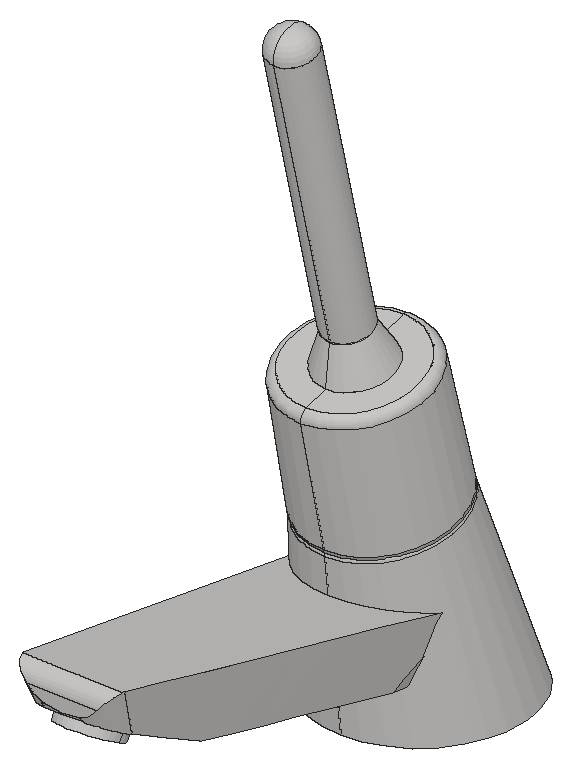
Revit family
Parameters
  WaterSupplyTemperatureMaximum = "55°C-85° (∆50°C : CW/HW)"
  WarrantyDurationUnit = "10 years"
  WarrantyDescription = "Any manufacturing defect"
  Version = "v1"
  SerialNumber = "3456330008174"
  ProductInformation = "http://www.delabie.com/products/745440"
  Operation = "Time flow lever-operated tap"
  NominalLength = 110 mm
  NominalHeight = 35 mm
  Name = "TEMPOSTOP"
  ModelNumber = "745440"
  Material = Solid brass
  ManufacturerURL = "http://www.delabie.com"
  ManufacturerName = "DELABIE"
  IntegralAccessoryOptions = "Thermostatic mixing valve"
  Grade = "ACS - WRAS - VA Approval - PZH - HKWSD"
  FlowRate lps = "0,05 lps"
  FlowRate lpm = "3 lpm at 3 bar"
  Finish = Chrome-plated
  Features  = "Deck-mounted time flow lever-operated basin tap:\r\nTime flow ~7 sec.\r\nFlow rate pre-set at 3 lpm at 3 bar, can be adjusted from 1.5 to 6 lpm.\r\nTamperproof scale-resistant flow straightener.\r\nChrome-plated solid brass body M½\".\r\nLever operated (soft-touch operation)."
  Description = "French manufacturer Delabie is a leader in the European sanitary ware market for non-domestic places. Water controls, solutions for disabled people, sanitary ware, for schools, leisure centres, offices, hospitals, airports…"
  Keynote = ""
  URL = "http://www.delabie.com"
  Type Comments = "Deck-mounted time flow tap"
  Radius = 10.3 mm
  Model = "TEMPOSTOP"
  Manufacturer = "DELABIE"
  Category = "Basin tap"
  Assembly Code = ""
Reference planes
  plane 1 "Center (Front/Back)": y = 0
  plane 2: z = 0
  plane 3 "Center (Left/Right)": x = 0
Forms (mm)
  Revolve 1, solid, material "Laiton massif chromé"
    sketch origin (0, -8.175, -57.831) x (0, 0.970296, 0.241922) y (0, -0.241922, 0.970296)
      loop
        line (21.088, 231.521) -> (21.088, 47.671) -> (47.848, 47.671) -> (40.576, 104.233)
        arc (40.576, 104.233) -> (40.454, 104.653) -> (40.211, 105.016) r 1.423
        arc (40.211, 105.016) -> (40.494, 105.47) -> (40.571, 105.999) r 1.302
        line (40.571, 105.999) -> (39.672, 139.498)
        arc (39.672, 139.498) -> (38.996, 141.146) -> (37.398, 141.931) r 2.511
        line (37.398, 141.931) -> (30.799, 141.931) -> (26.988, 151.335) -> (26.123, 151.335) -> (27.088, 151.835) -> (27.088, 226.043)
        arc (27.088, 226.043) -> (25.296, 230.105) -> (21.088, 231.521) r 5.5
      axis (21.088, 231.521) -> (21.088, 47.671)
    angle from 0 to 360
  SweptBlend 2, solid, material "Laiton massif chromé"
    path origin (0, 4.567, -60.132) x (0, 0.968013, 0.250899) y (0, -0.250899, 0.968013)
      loop
        line (-38.646, 114.61) -> (-46.598, 99.004)
    profile origin (0, -61.599, 41.116) x (0, 0.976412, -0.215916) y (1, 0, 0)
      loop
        line (-52.798, -13.201) -> (53.012, -19.896) -> (53.012, 19.896) -> (-52.798, 13.201)
        arc (-52.798, 13.201) -> (-58.504, 10.642) -> (-61.124, 4.962) r 8.913
        arc (-61.124, 4.962) -> (-61.501, -0.421) -> (-61.023, -5.795) r 34.08
        arc (-61.023, -5.795) -> (-58.199, -10.93) -> (-52.798, -13.201) r 8.913
    end profile origin (0, -65.381, 24.014) x (0, 0.976412, -0.215916) y (1, 0, 0)
      loop
        line (-42.051, -10.156) -> (37.797, -15.081) -> (48.748, -14.123) -> (48.748, 14.123) -> (37.797, 15.081) -> (-41.787, 10.173)
        arc (-41.787, 10.173) -> (-45.938, 8.21) -> (-47.594, 3.927) r 6.189
        arc (-47.594, 3.927) -> (-47.857, -0.551) -> (-47.552, -5.027) r 35.425
        arc (-47.552, -5.027) -> (-45.722, -8.578) -> (-42.051, -10.156) r 5.916
  Sweep 3, void
    path origin (0, -6.676, -58.46) x (1, 0, 0) y (0, 0.970296, 0.241922)
      loop
        line (-16.506, -78.273) -> (16.346, -78.273)
    profile origin (-0.08, -82.624, -77.396) x (0, 0.970296, 0.241922) y (0, -0.241922, 0.970296)
      loop
        line (24.263, 101.97) -> (-7.457, 129.544) -> (-5.159, 115.034) -> (24.054, 100.786) -> (24.263, 101.97)
  Sweep 4, void
    path origin (0, -8.175, -57.831) x (1, 0, 0) y (0, 0.970296, 0.241922)
      loop
        line (-17.912, -78.642) -> (18.288, -78.642)
    profile origin (0.188, -84.481, -76.856) x (0, 0.970296, 0.241922) y (0, -0.241922, 0.970296)
      loop
        arc (-1.371, 129.528) -> (0.604, 132.212) -> (3.933, 132.384) r 3.893
        line (3.933, 132.384) -> (-7.256, 140.219) -> (-5.344, 133.082) -> (-2.641, 122.995) -> (-1.371, 129.528)
  Extrusion 5, solid, material "Laiton massif chromé"
    sketch origin (0, -86.323, -78.56) x (1, 0, 0) y (0, 0.890579, -0.454829)
      loop
        circle (0, -72.092) r 8
    from 92.706 to 95.524
  Sweep 6, void
    path origin (0, -8.175, -57.831) x (1, 0, 0) y (0, 0.970296, 0.241922)
      loop
        line (-35.565, 18.501) -> (34.435, 18.501)
    profile origin (-0.565, 9.776, -53.355) x (0, 0.970296, 0.241922) y (0, -0.241922, 0.970296)
      loop
        line (33.835, 46.552) -> (-27.197, 61.77) -> (-30.228, 41.552) -> (33.835, 41.552) -> (33.835, 46.552)
Cuts and joins
  Sweep 3, Sweep 4 cuts SweptBlend 2
  Sweep 6 cuts Revolve 1
Connectors
  piping at (0, 0, 0), driven by "Radius"
    settings: index 1, connector radius 10.3 mm, flow factor 0, pipe flow 0.05 L/s, pressure drop 0.0 Pa, fitting loss kfactor 0, connector angle 0.00°, fixture units 0, flow configuration 1, flow direction 1, fitting loss method 0, system type 19, connector reference index -1, connector utility 0, adjustable connector no, is connector primary yes, fitting loss table "", connector description "In - Cold water or Mixed water"
